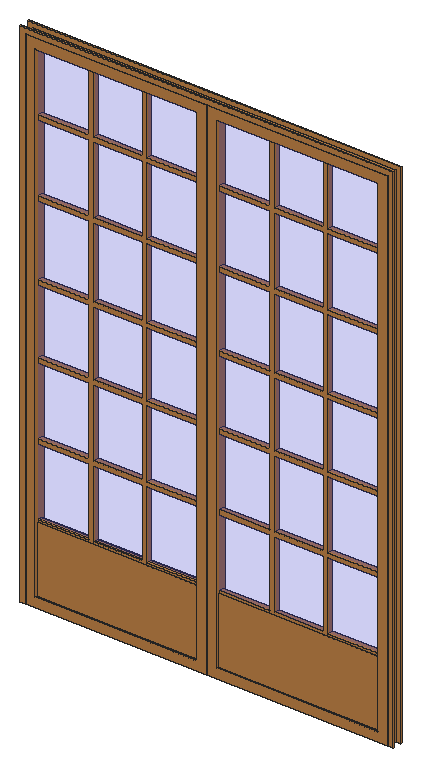
Revit family "WST_A3-Durowin-1511x2134-DSDDA", category Doors, host Wall, Revit 2016
Family settings
  Host = Wall
  Always vertical = Yes
  Cut with Voids When Loaded = No
  Shared = No
  Room Calculation Point = No
Parameters (values of type "DSDDA Durowin")
  URL = "http://www.Durowin.com"
  Thickness = 0 mm
  Rough Width = Width + (2 * Frame Width)  # 1555 mm
  Rough Height = Height + Frame Width  # 2156 mm
  Panel Width = Width / 2  # 755.5 mm
  Model Type = "Sidelight"
  Model = "French Door And Sidelights"
  Material Glass = Glass
  Material Door Panel = Default Steel Door Panel
  Material Door Frame = Default Steel Door Frame
  Manufacturer Code Panel = "DSDDA"
  Manufacturer Code Frame = "DSDDA"
  Manufacturer = "Durowin"
  Height = 2134 mm
  Wall Closure = By host
  Width = 1511 mm
  Function = Interior
  Frame Width = 22 mm
  Construction Type = "Steel"
  Assembly Code = "B2030120"
Reference planes
  plane 1 "Center Line": y = 0
  plane 2 "Center (Left/Right)": x = 38
  plane 3 "Left": x = -739.5
  plane 4 "Right": x = 815.5
  plane 5: z = 2156
  plane 6 "Exterior": y = 110
  plane 7 "Interior": y = -110
  plane 8: x = 905.5
  plane 9: x = -829.5
  plane 10: x = 763.5
  plane 11: x = 793.5
  plane 12: x = -717.5
  plane 13: z = 2134
  plane 14: z = 317.571
  plane 15 "Panel centre": y = -24.5
  plane 16 "panel interior": y = -35.5
  plane 17 "Panel Exterior": y = -13.5
  plane 18: x = -676.5
  plane 19: x = 752.5
  plane 20: z = 1214.786
  plane 21: z = 105
  plane 22: x = 79
  plane 23: x = -3
  plane 24: x = -452
  plane 25: x = 303.5
  plane 26: z = 1831.262
  plane 27: z = 1528.524
  plane 28: z = 923.048
  plane 29: z = 620.31
  plane 30: z = 1966
  plane 31: x = -717.5
  plane 32: x = 793.5
  plane 33: y = -865.5
  plane 34: z = 2093
  plane 35: x = -227.5
  plane 36: x = 528
Forms (mm)
  Sweep 1, solid, material "Default Steel Door Frame" <- "Material Door Frame", detail levels medium+fine
    path origin (0, 0, 0) x (1, 0, 0) y (0, 0, 1)
      loop
        line (815.5, 0) -> (815.5, 2156) -> (-739.5, 2156) -> (-739.5, 0)
    profile origin (0, 0, 1078) x (-1, 0, 0) y (0, -1, 0)
      loop
        line (-815.5, 0) -> (-780.5, 0) -> (-780.5, 3) -> (-793.5, 3) -> (-793.5, 45) -> (-815.5, 45) -> (-815.5, 42) -> (-796.5, 42) -> (-796.5, 3) -> (-815.5, 3) -> (-815.5, 0)
  Extrusion 2, solid, material "Default Steel Door Panel" <- "Material Door Panel", detail levels medium+fine
    sketch origin (0, 0, 0) x (1, 0, 0) y (0, 0, 1)
      loop
        line (38, 0) -> (793.5, 0) -> (793.5, 2134) -> (38, 2134) -> (38, 0)
      loop
        line (79, 41) -> (752.5, 41) -> (752.5, 2093) -> (79, 2093) -> (79, 41)
    from 3 to 45
  Extrusion 3, solid, material "Glass" <- "Material Glass", detail levels medium+fine
    sketch origin (0, -24.5, 0) x (1, 0, 0) y (0, 0, 1)
      loop
        line (752.5, 317.571) -> (752.5, 2093) -> (79, 2093) -> (79, 317.571) -> (752.5, 317.571)
    from 5 to -5
  Extrusion 4, solid, material "Default Steel Door Panel" <- "Material Door Panel", detail levels medium+fine
    sketch origin (0, -24.5, 0) x (1, 0, 0) y (0, 0, 1)
      loop
        line (752.5, 41) -> (752.5, 317.571) -> (79, 317.571) -> (79, 41) -> (752.5, 41)
    from 11 to -11
  Extrusion 5, solid, material "Default Steel Door Panel" <- "Material Door Panel", detail levels medium+fine
    sketch origin (0, 0, 0) x (1, 0, 0) y (0, 0, 1)
      loop
        line (-717.5, 0) -> (38, 0) -> (38, 2134) -> (-717.5, 2134) -> (-717.5, 0)
      loop
        line (-676.5, 41) -> (-3, 41) -> (-3, 2093) -> (-676.5, 2093) -> (-676.5, 41)
    from 3 to 45
  Extrusion 6, solid, material "Default Steel Door Panel" <- "Material Door Panel", detail levels medium+fine
    sketch origin (0, -24.5, 0) x (1, 0, 0) y (0, 0, 1)
      loop
        line (-3, 41) -> (-3, 317.571) -> (-676.5, 317.571) -> (-676.5, 41) -> (-3, 41)
    from 11 to -11
  Extrusion 7, solid, material "Glass" <- "Material Glass", detail levels medium+fine
    sketch origin (0, -24.5, 0) x (1, 0, 0) y (0, 0, 1)
      loop
        line (-3, 327.571) -> (-3, 2093) -> (-676.5, 2093) -> (-676.5, 327.571) -> (-3, 327.571)
    from 5 to -5
  Sweep 8, solid, material "Default Steel Door Panel" <- "Material Door Panel", detail levels medium+fine
    path origin (0, -24.5, 0) x (1, 0, 0) y (0, 0, 1)
      loop
        line (303.5, 2093) -> (303.5, 317.571)
    profile origin (0, 0, 1205.286) x (0, -1, 0) y (1, 0, 0)
      loop
        line (34.5, 293.5) -> (34.5, 313.5) -> (14.5, 313.5) -> (14.5, 293.5) -> (34.5, 293.5)
  Sweep 9, solid, material "Default Steel Door Panel" <- "Material Door Panel", detail levels medium+fine
    path origin (-792, -24.5, 0) x (1, 0, 0) y (0, 0, 1)
      loop
        line (340, 2093) -> (340, 317.571)
    profile origin (0, 0, 1205.286) x (0, -1, 0) y (1, 0, 0)
      loop
        line (34.5, -462) -> (34.5, -442) -> (14.5, -442) -> (14.5, -462) -> (34.5, -462)
  Sweep 10, solid, material "Default Steel Door Panel" <- "Material Door Panel", detail levels medium+fine
    path origin (2.111, -24.5, 21.11) x (1, 0, 0) y (0, 0, 1)
      loop
        line (752.5, 1810.152) -> (76.889, 1810.152)
    profile origin (416.805, 0, 0) x (0, 0, -1) y (0, -1, 0)
      loop
        line (-1821.262, 14.5) -> (-1821.262, 34.5) -> (-1841.262, 34.5) -> (-1841.262, 14.5) -> (-1821.262, 14.5)
  Sweep 11, solid, material "Default Steel Door Panel" <- "Material Door Panel", detail levels medium+fine
    path origin (0, -24.5, -500.091) x (1, 0, 0) y (0, 0, 1)
      loop
        line (752.5, 1714.876) -> (79, 1714.876)
    profile origin (415.75, 0, 0) x (0, 0, -1) y (0, -1, 0)
      loop
        line (-1204.786, 14.5) -> (-1204.786, 34.5) -> (-1224.786, 34.5) -> (-1224.786, 14.5) -> (-1204.786, 14.5)
  Sweep 12, solid, material "Default Steel Door Panel" <- "Material Door Panel", detail levels medium+fine
    path origin (0.036, -24.5, -1027.218) x (1, 0, 0) y (0, 0, 1)
      loop
        line (752.5, 1647.527) -> (78.964, 1647.527)
    profile origin (415.768, 0, 0) x (0, 0, -1) y (0, -1, 0)
      loop
        line (-610.31, 14.5) -> (-610.31, 34.5) -> (-630.31, 34.5) -> (-630.31, 14.5) -> (-610.31, 14.5)
  Sweep 13, solid, material "Default Steel Door Panel" <- "Material Door Panel", detail levels medium+fine
    path origin (0, -24.5, -1301.929) x (1, 0, 0) y (0, 0, 1)
      loop
        line (752.5, 1619.5) -> (79, 1619.5)
    profile origin (415.75, 0, 0) x (0, 0, -1) y (0, -1, 0)
      loop
        line (-307.571, 14.5) -> (-307.571, 34.5) -> (-327.571, 34.5) -> (-327.571, 14.5) -> (-307.571, 14.5)
  Sweep 14, solid, material "Default Steel Door Panel" <- "Material Door Panel", detail levels medium+fine
    path origin (-591, -24.5, 19.542) x (1, 0, 0) y (0, 0, 1)
      loop
        line (588, 1811.72) -> (-85.5, 1811.72)
    profile origin (-339.75, 0, 0) x (0, 0, -1) y (0, -1, 0)
      loop
        line (-1821.262, 14.5) -> (-1821.262, 34.5) -> (-1841.262, 34.5) -> (-1841.262, 14.5) -> (-1821.262, 14.5)
  Sweep 15, solid, material "Default Steel Door Panel" <- "Material Door Panel", detail levels medium+fine
    path origin (-591, -24.5, -500.091) x (1, 0, 0) y (0, 0, 1)
      loop
        line (588, 1714.876) -> (-85.5, 1714.876)
    profile origin (-339.75, 0, 0) x (0, 0, -1) y (0, -1, 0)
      loop
        line (-1204.786, 14.5) -> (-1204.786, 34.5) -> (-1224.786, 34.5) -> (-1224.786, 14.5) -> (-1204.786, 14.5)
  Sweep 16, solid, material "Default Steel Door Panel" <- "Material Door Panel", detail levels medium+fine
    path origin (-591, -24.5, -1301.141) x (1, 0, 0) y (0, 0, 1)
      loop
        line (588, 1618.712) -> (-85.5, 1618.712)
    profile origin (-339.75, 0, 0) x (0, 0, -1) y (0, -1, 0)
      loop
        line (-307.571, 14.5) -> (-307.571, 34.5) -> (-327.571, 34.5) -> (-327.571, 14.5) -> (-307.571, 14.5)
  Sweep 17, solid, material "Default Steel Door Panel" <- "Material Door Panel", detail levels medium+fine
    path origin (-590.899, -24.5, -1026.487) x (1, 0, 0) y (0, 0, 1)
      loop
        line (588, 1646.796) -> (-85.5, 1646.796)
    profile origin (-339.649, 0, 0) x (0, 0, -1) y (0, -1, 0)
      loop
        line (-610.31, 14.5) -> (-610.31, 34.5) -> (-630.31, 34.5) -> (-630.31, 14.5) -> (-610.31, 14.5)
  Sweep 18, solid, material "Default Steel Door Panel" <- "Material Door Panel", detail levels medium+fine
    path origin (2.111, -24.5, -255.462) x (1, 0, 0) y (0, 0, 1)
      loop
        line (752.5, 1783.985) -> (76.889, 1783.985)
    profile origin (416.805, 0, 0) x (0, 0, -1) y (0, -1, 0)
      loop
        line (-1518.524, 14.5) -> (-1518.524, 34.5) -> (-1538.524, 34.5) -> (-1538.524, 14.5) -> (-1518.524, 14.5)
  Sweep 19, solid, material "Default Steel Door Panel" <- "Material Door Panel", detail levels medium+fine
    path origin (-591, -24.5, -257.029) x (1, 0, 0) y (0, 0, 1)
      loop
        line (588, 1785.553) -> (-85.5, 1785.553)
    profile origin (-339.75, 0, 0) x (0, 0, -1) y (0, -1, 0)
      loop
        line (-1518.524, 14.5) -> (-1518.524, 34.5) -> (-1538.524, 34.5) -> (-1538.524, 14.5) -> (-1518.524, 14.5)
  Sweep 20, solid, material "Default Steel Door Panel" <- "Material Door Panel", detail levels medium+fine
    path origin (-591, -24.5, -810.172) x (1, 0, 0) y (0, 0, 1)
      loop
        line (588, 1733.22) -> (-85.5, 1733.22)
    profile origin (-339.75, 0, 0) x (0, 0, -1) y (0, -1, 0)
      loop
        line (-913.048, 14.5) -> (-913.048, 34.5) -> (-933.048, 34.5) -> (-933.048, 14.5) -> (-913.048, 14.5)
  Sweep 21, solid, material "Default Steel Door Panel" <- "Material Door Panel", detail levels medium+fine
    path origin (2.111, -24.5, -808.605) x (1, 0, 0) y (0, 0, 1)
      loop
        line (752.5, 1731.652) -> (76.889, 1731.652)
    profile origin (416.805, 0, 0) x (0, 0, -1) y (0, -1, 0)
      loop
        line (-913.048, 14.5) -> (-913.048, 34.5) -> (-933.048, 34.5) -> (-933.048, 14.5) -> (-913.048, 14.5)
  Sweep 22, solid, material "Default Steel Door Panel" <- "Material Door Panel", detail levels medium+fine
    path origin (224.5, -24.5, 0) x (1, 0, 0) y (0, 0, 1)
      loop
        line (303.5, 2093) -> (303.5, 317.571)
    profile origin (0, 0, 1205.286) x (0, -1, 0) y (1, 0, 0)
      loop
        line (34.5, 518) -> (34.5, 538) -> (14.5, 538) -> (14.5, 518) -> (34.5, 518)
  Sweep 23, solid, material "Default Steel Door Panel" <- "Material Door Panel", detail levels medium+fine
    path origin (-531, -24.5, 0) x (1, 0, 0) y (0, 0, 1)
      loop
        line (303.5, 2093) -> (303.5, 317.571)
    profile origin (0, 0, 1205.286) x (0, -1, 0) y (1, 0, 0)
      loop
        line (34.5, -237.5) -> (34.5, -217.5) -> (14.5, -217.5) -> (14.5, -237.5) -> (34.5, -237.5)
Cuts and joins
  joined: Sweep 8, Sweep 10, Sweep 11, Sweep 12, Sweep 13, Sweep 18, Sweep 21, Sweep 22
  joined: Sweep 9, Sweep 14, Sweep 15, Sweep 16, Sweep 17, Sweep 19, Sweep 20, Sweep 23
Lines and regions (mm)
  Opening 1
    outline origin (-3050, -110, 0) x (1, 0, 0) y (0, 0, 1)
      loop
        line (2310.5, 0) -> (3865.5, 0) -> (3865.5, 2156) -> (2310.5, 2156) -> (2310.5, 0)
  symbolic lines, style "DoorsPanelProjection", detail levels coarse
    curve 1: line (-739.5, 0, 0) -> (815.5, 0, 0)
  symbolic lines, style "Overhead", detail levels medium+fine
    curve 2: line (815.5, -110, 0) -> (-739.5, -110, 0)
    curve 3: line (-739.5, 110, 0) -> (815.5, 110, 0)
Text (mm)
  text "Exterior" at (-2295.016, 1099.543, 0), in view "Ref. Level"
  text "Exterior" at (0, 1615.38, 3698.081), in view "Left"
  text "Exterior" at (0, 1036.032, 3874.932), in view "Right"
Dimensions and locks
  equal spacing: plane 3 "Left", plane 2 "Center (Left/Right)", plane 4 "Right"
  "Width": plane 12 to plane 11
  "Height": plane 13 to host wall
  host wall to plane 20 to plane 5 = 1214.786 mm, 941.214 mm
  locked: host wall to plane 6 "Exterior" at 0
  locked: plane 7 "Interior" to host wall
  locked: plane 4 "Right" to plane 8 at 90
  plane 9 to plane 3 "Left" = 90 mm
  locked: plane 10 to plane 4 "Right" at 52
  "Frame Width": plane 3 "Left" to plane 12
  "Frame Width": plane 11 to plane 4 "Right"
  "Frame Width": plane 13 to plane 5
  locked: plane 15 "Panel centre" to plane 1 "Center Line" at 24.5
  plane 19 to plane 4 "Right" = 63 mm
  plane 3 "Left" to plane 18 = 63 mm
  plane 18 to plane 24 to plane 23 = 224.5 mm, 449 mm
  plane 22 to plane 25 to plane 19 = 224.5 mm, 449 mm
  plane 30 to plane 5 = 190 mm
  equal spacing: plane 23, plane 2 "Center (Left/Right)", plane 22, locked at 41 each
  aligned and locked: plane 3 "Left" to Opening 1 sketch curve
  aligned and locked: plane 5 to Opening 1 sketch curve  (x2)
  aligned and locked: Opening 1 sketch curve to plane 4 "Right"
  aligned and locked: Opening 1 sketch curve to level
  aligned and locked: plane 1 "Center Line" to host wall
  aligned and locked: Extrusion 3 sketch curve to Extrusion 2  (x3)
  aligned and locked: plane 14 to Extrusion 3 sketch curve
  aligned and locked: Extrusion 4 sketch curve to Extrusion 2
  aligned and locked: plane 22 to Extrusion 2 sketch curve
  aligned and locked: Extrusion 2 to Extrusion 5 sketch curve
  aligned and locked: Extrusion 5 sketch curve to Extrusion 2
  aligned and locked: Extrusion 2 to Extrusion 7
  aligned and locked: Extrusion 2 to Sweep 8 sketch curve
  aligned and locked: Extrusion 5 to Sweep 9 sketch curve
  aligned and locked: Extrusion 6 to plane 14
  aligned and locked: Extrusion 2 to Sweep 18 sketch curve
  aligned and locked: Extrusion 2 to Sweep 21 sketch curve
  aligned and locked: Extrusion 2 to Sweep 12 sketch curve
  aligned and locked: Sweep 12 sketch curve to plane 29
  aligned and locked: Sweep 13 sketch curve to plane 14
  aligned and locked: Sweep 16 sketch curve to plane 14
  aligned and locked: Sweep 20 sketch curve to plane 28
  aligned and locked: Sweep 21 sketch curve to plane 28
  aligned and locked: Sweep 11 sketch curve to plane 20
  aligned and locked: Extrusion 2 to Sweep 11 sketch curve
  aligned and locked: Sweep 15 sketch curve to plane 20
  aligned and locked: Sweep 18 sketch curve to plane 27
  aligned and locked: Sweep 19 sketch curve to plane 27
  aligned and locked: Sweep 10 sketch curve to plane 26
  aligned and locked: Extrusion 2 to Sweep 10 sketch curve
  aligned and locked: Sweep 14 sketch curve to plane 26
  aligned and locked: Extrusion 2 sketch curve to plane 13
  aligned and locked: Extrusion 5 sketch curve to plane 13
  aligned and locked: Extrusion 6 to Sweep 9 sketch curve
  aligned and locked: Extrusion 4 to Sweep 8 sketch curve
  aligned and locked: cut or joined group of Sweep 8, Sweep 10, Sweep 11, Sweep 12, Sweep 13, Sweep 18, Sweep 21, Sweep 22 to Extrusion 7
  aligned and locked: plane 31 to Extrusion 5 sketch curve
  aligned and locked: Extrusion 2 sketch curve to plane 32
  aligned and locked: plane 12 to plane 31
  aligned and locked: plane 11 to plane 32
  aligned and locked: Sweep 1 sketch curve to host wall
  aligned and locked: Sweep 1 sketch curve to plane 5
  aligned and locked: plane 32 to Sweep 1 sketch curve
  aligned and locked: Sweep 1 sketch curve to Extrusion 2
  aligned and locked: Extrusion 2 to Sweep 1 sketch curve
Automatic sketch dimensions
  plane 14 to Extrusion 4 sketch curve = 0 mm
  Extrusion 4 sketch curve to plane 19 = 0 mm
  plane 21 to Extrusion 4 sketch curve = 64 mm
  Extrusion 2 sketch curve to plane 2 "Center (Left/Right)" = 0 mm
  plane 21 to Extrusion 2 sketch curve = 64 mm
  Extrusion 2 sketch curve to plane 19 = 0 mm
  Extrusion 2 sketch curve to level = 0 mm
  plane 13 to Extrusion 2 sketch curve = 41 mm
  Extrusion 6 sketch curve to plane 18 = 0 mm
  plane 14 to Extrusion 6 sketch curve = 0 mm
  plane 21 to Extrusion 6 sketch curve = 64 mm
  Extrusion 6 sketch curve to plane 2 "Center (Left/Right)" = 41 mm
  Extrusion 7 sketch curve to plane 14 = 10 mm
  Extrusion 7 sketch curve to plane 18 = 0 mm
  plane 13 to Extrusion 7 sketch curve = 41 mm
  Sweep 8 sketch curve to plane 25 = 0 mm
  Sweep 8 sketch curve to plane 15 "Panel centre" = 10 mm
  plane 15 "Panel centre" to Sweep 8 sketch curve = 10 mm
  profile plane to Sweep 8 sketch curve = 10 mm
  Sweep 8 sketch curve to profile plane = 10 mm
  Sweep 9 sketch curve to plane 24 = 0 mm
  Sweep 9 sketch curve to profile plane = 10 mm  (x2)
  profile plane to Sweep 9 sketch curve = 10 mm  (x2)
  profile plane to Sweep 10 sketch curve = 10 mm
  Sweep 10 sketch curve to plane 15 "Panel centre" = 10 mm
  Sweep 10 sketch curve to profile plane = 10 mm
  plane 15 "Panel centre" to Sweep 10 sketch curve = 10 mm
  Sweep 10 sketch curve to plane 19 = 2.111 mm
  Sweep 11 sketch curve to plane 19 = 0 mm
  profile plane to Sweep 11 sketch curve = 10 mm  (x2)
  Sweep 11 sketch curve to profile plane = 10 mm  (x2)
  Sweep 12 sketch curve to plane 19 = 0.036 mm
  profile plane to Sweep 12 sketch curve = 10 mm  (x2)
  Sweep 12 sketch curve to profile plane = 10 mm  (x2)
  Sweep 13 sketch curve to plane 22 = 0 mm
  Sweep 13 sketch curve to plane 19 = 0 mm
  profile plane to Sweep 13 sketch curve = 10 mm  (x2)
  Sweep 13 sketch curve to profile plane = 10 mm  (x2)
  Sweep 14 sketch curve to plane 18 = 0 mm
  profile plane to Sweep 14 sketch curve = 10 mm  (x2)
  Sweep 14 sketch curve to profile plane = 10 mm  (x2)
  plane 18 to Sweep 15 sketch curve = 0 mm
  profile plane to Sweep 15 sketch curve = 10 mm  (x2)
  Sweep 15 sketch curve to profile plane = 10 mm  (x2)
  Sweep 16 sketch curve to plane 18 = 0 mm
  Sweep 16 sketch curve to plane 23 = 0 mm
  profile plane to Sweep 16 sketch curve = 10 mm  (x2)
  Sweep 16 sketch curve to profile plane = 10 mm  (x2)
  Sweep 17 sketch curve to plane 18 = 0.101 mm
  Sweep 17 sketch curve to plane 23 = 0.101 mm
  plane 29 to Sweep 17 sketch curve = 0 mm
  profile plane to Sweep 17 sketch curve = 10 mm  (x2)
  Sweep 17 sketch curve to profile plane = 10 mm  (x2)
  Sweep 18 sketch curve to plane 19 = 2.111 mm
  profile plane to Sweep 18 sketch curve = 10 mm  (x2)
  Sweep 18 sketch curve to profile plane = 10 mm  (x2)
  Sweep 19 sketch curve to plane 18 = 0 mm
  profile plane to Sweep 19 sketch curve = 10 mm  (x2)
  Sweep 19 sketch curve to profile plane = 10 mm  (x2)
  Sweep 20 sketch curve to plane 18 = 0 mm
  Sweep 20 sketch curve to plane 23 = 0 mm
  profile plane to Sweep 20 sketch curve = 10 mm  (x2)
  Sweep 20 sketch curve to profile plane = 10 mm  (x2)
  Sweep 21 sketch curve to plane 19 = 2.111 mm
  profile plane to Sweep 21 sketch curve = 10 mm  (x2)
  Sweep 21 sketch curve to profile plane = 10 mm  (x2)
  Extrusion 7 sketch curve to plane 23 = 0 mm
  Extrusion 5 sketch curve to plane 18 = 0 mm
  Extrusion 5 sketch curve to plane 2 "Center (Left/Right)" = 0 mm
  Extrusion 5 sketch curve to level = 0 mm
  Sweep 1 sketch curve to plane 4 "Right" = 0 mm
  Sweep 1 sketch curve to level = 0 mm  (x2)
  Extrusion 5 sketch curve to plane 23 = 0 mm
  Sweep 22 sketch curve to plane 14 = 0 mm
  Sweep 22 sketch curve to plane 36 = 0 mm
  Sweep 22 sketch curve to plane 34 = 0 mm
  Sweep 22 sketch curve to profile plane = 10 mm  (x2)
  profile plane to Sweep 22 sketch curve = 10 mm  (x2)
  Sweep 23 sketch curve to plane 14 = 0 mm
  Sweep 23 sketch curve to plane 35 = 0 mm
  Sweep 23 sketch curve to plane 34 = 0 mm
  Sweep 23 sketch curve to profile plane = 10 mm  (x2)
  profile plane to Sweep 23 sketch curve = 10 mm  (x2)
  curve 3 to host wall = 0 mm
  curve 3 to plane 3 "Left" = 0 mm
  curve 2 to host wall = 0 mm
  curve 2 to plane 3 "Left" = 0 mm
  curve 1 to host wall = 0 mm
  curve 1 to plane 3 "Left" = 0 mm
  curve 2 to plane 4 "Right" = 0 mm
  curve 3 to plane 4 "Right" = 0 mm
  curve 1 to plane 4 "Right" = 0 mm
  Sweep 1 sketch curve to plane 1 "Center Line" = 0 mm
  Sweep 1 sketch curve to profile plane = 0 mm  (x2)
  Sweep 1 sketch curve to Sweep 1 sketch curve = 3 mm  (x2)
  Sweep 1 sketch curve to Sweep 1 sketch curve = 13 mm
  Sweep 1 sketch curve to Sweep 1 sketch curve = 39 mm
